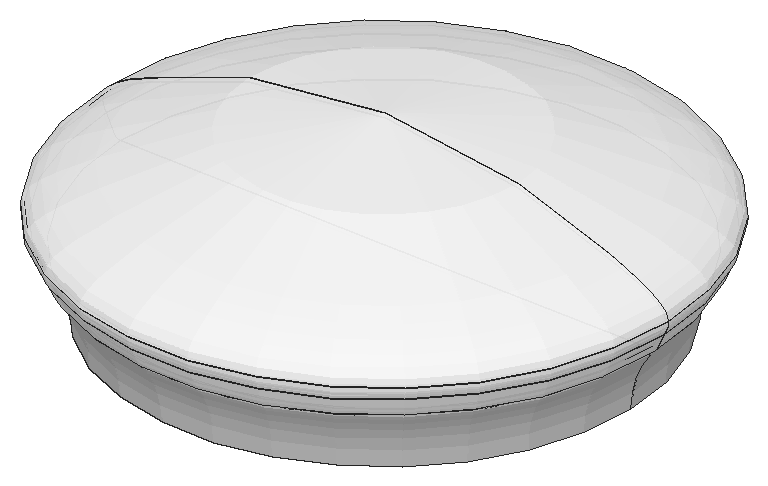
Revit family "0043405", category Lighting Devices, host Face, Revit 2023
Family settings
  Host = Face
  Round Connector Dimension = Use Diameter
  Part Type = Normal
  OmniClass Number = 23.80.70.00
  OmniClass Title = Lighting
  Cut with Voids When Loaded = No
  Maintain Annotation Orientation = No
  Shared = No
  Room Calculation Point = No
Parameters (values of type "START SURFACE IP54 500-2000 830/840")
  Weight = "0.57 kg"
  Wattage Comments = ""
  WarrantyStartDate [instance] = "n/a"
  WarrantyGuarantorParts = "n/a"
  WarrantyDurationUnit = "Years"
  WarrantyDurationParts = "5"
  WarrantyDescription = "http://www.sylvania-group.com"
  Voltage = 230 V
  URL = "http://www.sylvania-group.com"
  TypeName = "START Surface IP54 - 300mm"
  Type Image = <None>
  Type IFC Predefined Type = "IfcLightFixtureType"
  Type Comments = "n/a"
  SerialNumber [instance] = "n/a"
  Material_3_SYL = none
  PowerFactor = 0.9
  PowerConsumption = "16.5 W"
  NominalLength = NominalDepth  # 300 mm
  NominalHeight = if(NominalDepth = 300 mm, 94 mm, 105 mm)  # 94 mm
  NominalDepth = 300 mm
  Name = "START SURFACE IP54 500-2000 830/840"
  ModelReference = Name  # "START SURFACE IP54 500-2000 830/840"
  ModelNumber = "0043405"
  Model = Name  # "START SURFACE IP54 500-2000 830/840"
  Material = "Polycarbonate"
  ManufacturerName = Manufacturer  # "Feilo Sylvania"
  Manufacturer = "Feilo Sylvania"
  LuminousEfficacy = "120 lm/W"
  LuminaireType = "Ceiling / surface mounting"
  LightSettingControl [instance] = if(LightSetting < 1, 1, if(LightSetting > 8, 8, LightSetting))  # 1
  Light8_4000K_16.5W [instance] = (LightSettingControl = 8)  # no
  Light7_4000K_12.5W [instance] = (LightSettingControl = 7)  # no
  Light6_4000K_8.3W [instance] = (LightSettingControl = 6)  # no
  Light5_4000K_5W [instance] = (LightSettingControl = 5)  # no
  Light4_3000K_16.5W [instance] = (LightSettingControl = 4)  # no
  Light3_3000K_12.5W [instance] = (LightSettingControl = 3)  # no
  Light2_3000K_8.3W [instance] = (LightSettingControl = 2)  # no
  Light1_3000K_5W [instance] = (LightSettingControl = 1)  # yes
  LightSetting [instance] = 1
  LightOutputRatio = ""
  LampsType = Lamp  # "LED"
  LampNominalLuminous = "2000 lm"
  LampMacAdamStep = "6"
  LampColourTemperature = "3000/4000K"
  LampColourRenderingIndex = "80"
  Lamp = "LED"
  Keynote = "16500"
  InstallationDate [instance] = "n/a"
  InputVoltage = "220-240 V"
  InputNominalFrequency = "50/60Hz"
  IngressProtection = "IP54"
  ImpactProtectionIndex = "IK03"
  IfcExportType = "IfcLightFixtureType"
  IfcExportAs = "IfcLightFixtureType"
  Export Type to IFC As = "IfcLightFixtureType"
  ElectricShockClassification = "Class II"
  DocumentationLiterature = "https://www.sylvania-lighting.com/product/en-int/products/0043405/"
  DimmingControlOptions = "n/a"
  Material_2_SYL = PMMA Acrylic_Opal_4000K
  DiffuserRadius = if(NominalDepth = 300 mm, 150 mm, 200 mm)  # 150 mm
  Description = "Ceiling / wall luminaire with integrated LED. Perfect solution for hallways, circulation spaces or foyers. Body Size diameter 300mm. Besa mounting box compatible, hole distance 51 & 78mm. DualTone functionality enables switch between 3000K and 4000K colour temperatures. With the help of DIP Switch multiple lumen outputs can be set up in 4 steps (4000K: 5W 500lm, 8.3W 1000lm, 12.5W 1500lm, 16.5W 2000lm). Efficacy up to 120lm/W. Non-dimmable. IK03, IP54. Low maintenance with lifespan 120,000 hours L70:B50."
  Default Elevation = 1219.2 mm
  CreatedOn = "27/08/2024"
  CreatedBy = "petra.pavlicz@sylvania-lighting.com"
  Cost = 0
  Coefficient of Utilization [instance] = 0
  ClassificationValue = "EF_70_80"
  ClassificationName = "Uniclass2015"
  Material_1_SYL = PC Polycarbonate_RAL 9003_Signal white
  BottomRadius = if(NominalDepth = 300 mm, 130 mm, 172 mm)  # 130 mm
  BodyRadius = if(NominalDepth = 300 mm, 140 mm, 186 mm)  # 140 mm
  BodyHeight = if(NominalDepth = 300 mm, 30 mm, 39.5 mm)  # 30 mm
  BarCode [instance] = "n/a"
  AssetType = "Fixed"
  AssetIdentifier [instance] = "n/a"
  Assembly Code = "D5020200"
  Material_4_SYL = none
  Apparent Load = 18.3 VA
Reference planes
  plane 1 "Center (Front/Back)": y = 0
  plane 2: z = 0
  plane 3 "Center (Left/Right)": x = 0
  plane 4: y = 150
  plane 5: y = -150
  plane 6: x = -150
  plane 7: x = 150
  plane 8 "Top": z = 94
  plane 9 "Body height": z = 30
  plane 10 "Bottom width": x = -130
  plane 11 "Body width": x = -140
  plane 12 "Void": z = 11
Forms (mm)
  Extrusion 1, solid, material "PMMA Acrylic_Opal_4000K" <- "Material_2_SYL", detail levels coarse
    sketch origin (0, 0, 0) x (1, 0, 0) y (0, 1, 0)
      loop
        circle (0, 0) r 150
    from 0 to 94
  Revolve 2, solid, material "PC Polycarbonate_RAL 9003_Signal white" <- "Material_1_SYL", detail levels medium+fine
    sketch origin (0, 0, 0) x (1, 0, 0) y (0, 0, 1)
      loop
        line (-130, 0) -> (0, 0) -> (0, 30) -> (-140, 30)
        spline (-140, 30) -> (-140.096, 29.28) -> (-139.766, 28.341) -> (-139.087, 27.151) -> (-138.135, 25.68) -> (-136.989, 23.896) -> (-135.725, 21.767) -> (-134.421, 19.262) -> (-133.154, 16.35) -> (-132.001, 12.999) -> (-131.04, 9.178) -> (-130.347, 4.856) -> (-130, 0)
      axis (0, 30) -> (0, 0)
    angle from 0 to 360
  Revolve 3, solid, material "PMMA Acrylic_Opal_4000K" <- "Material_2_SYL", detail levels medium+fine
    sketch origin (0, 0, 0) x (1, 0, 0) y (0, 0, 1)
      loop
        line (-140, 30) -> (0, 30) -> (0, 31.982) -> (-138.865, 31.982)
        spline (-138.865, 31.982) -> (-139.46, 32.068) -> (-139.993, 32.228) -> (-140.485, 32.484) -> (-140.957, 32.859) -> (-141.427, 33.375) -> (-141.917, 34.053) -> (-142.446, 34.916) -> (-143.035, 35.985) -> (-143.703, 37.282) -> (-144.472, 38.83) -> (-145.361, 40.65) -> (-146.391, 42.764)
        spline (-146.391, 42.764) -> (-146.658, 43.166) -> (-146.904, 43.576) -> (-147.128, 43.993) -> (-147.33, 44.418) -> (-147.511, 44.849) -> (-147.669, 45.288) -> (-147.805, 45.735) -> (-147.92, 46.188) -> (-148.012, 46.649) -> (-148.083, 47.117) -> (-148.132, 47.593) -> (-148.158, 48.075)
        spline (-148.158, 48.075) -> (-146.622, 52.076) -> (-142.283, 55.894) -> (-135.551, 59.689) -> (-126.831, 63.622) -> (-116.532, 67.853) -> (-104.921, 72.433) -> (-91.899, 77.119) -> (-77.305, 81.621) -> (-60.979, 85.648) -> (-42.76, 88.911) -> (-22.487, 91.119) -> (0, 91.982)
        line (0, 91.982) -> (0, 94)
        spline (0, 94) -> (-22.674, 93.214) -> (-43.099, 91.049) -> (-61.45, 87.793) -> (-77.901, 83.737) -> (-92.625, 79.168) -> (-105.795, 74.375) -> (-117.586, 69.649) -> (-128.097, 65.221) -> (-137.029, 61.024) -> (-143.945, 56.891) -> (-148.414, 52.653) -> (-150, 48.14)
        spline (-150, 48.14) -> (-149.986, 47.542) -> (-149.945, 46.952) -> (-149.877, 46.37) -> (-149.781, 45.797) -> (-149.658, 45.231) -> (-149.507, 44.674) -> (-149.329, 44.124) -> (-149.123, 43.583) -> (-148.891, 43.05) -> (-148.63, 42.525) -> (-148.343, 42.009) -> (-148.028, 41.5)
        spline (-148.028, 41.5) -> (-146.93, 39.245) -> (-145.981, 37.304) -> (-145.161, 35.653) -> (-144.448, 34.269) -> (-143.82, 33.129) -> (-143.256, 32.209) -> (-142.733, 31.486) -> (-142.232, 30.936) -> (-141.729, 30.535) -> (-141.204, 30.262) -> (-140.635, 30.091) -> (-140, 30)
      axis (0, 94) -> (0, 30)
    angle from 360 to 0
  Extrusion 4, void
    sketch origin (0, 0, 0) x (1, 0, 0) y (0, 1, 0)
      loop
        circle (0, 0) r 118.25
    from 0 to 11
Cuts and joins
  Extrusion 4 cuts Revolve 2
Dimensions and locks
  "NominalDepth": plane 4 to plane 5
  equal spacing: plane 4, plane 1 "Center (Front/Back)", plane 5
  "NominalLength": plane 6 to plane 7
  equal spacing: plane 6, plane 3 "Center (Left/Right)", plane 7
  "NominalHeight": plane 8 "Top" to plane 2
  "BottomRadius": plane 3 "Center (Left/Right)" to plane 10 "Bottom width"
  "BodyRadius": plane 3 "Center (Left/Right)" to plane 11 "Body width"
  "BodyHeight": plane 9 "Body height" to plane 2
  "DiffuserRadius": plane 3 "Center (Left/Right)" to plane 6
  locked: plane 12 "Void" to plane 2 at 11
  "NominalDepth": diameter of Extrusion 1 sketch curve
  diameter of Extrusion 4 sketch curve = 236.5 mm
  aligned and locked: plane 2 to host face
  aligned and locked: level to host face
  aligned and locked: Extrusion 1 to plane 2
  aligned and locked: plane 8 "Top" to Extrusion 1
  aligned and locked: Revolve 2 sketch curve to plane 3 "Center (Left/Right)"
  aligned and locked: Revolve 2 to plane 9 "Body height"
  aligned and locked: Revolve 2 to plane 2
  aligned and locked: plane 10 "Bottom width" to Revolve 2 sketch curve
  aligned and locked: plane 11 "Body width" to Revolve 2 sketch curve
  aligned and locked: Revolve 2 sketch curve to plane 2
  aligned and locked: Revolve 2 sketch curve to plane 9 "Body height"
  aligned and locked: plane 6 to Revolve 3 sketch curve
  aligned and locked: Revolve 3 sketch curve to plane 9 "Body height"
  aligned and locked: plane 11 "Body width" to Revolve 3 sketch curve
  aligned and locked: plane 3 "Center (Left/Right)" to Extrusion 4 sketch curve
  aligned and locked: plane 1 "Center (Front/Back)" to Extrusion 4 sketch curve
  aligned and locked: cut or joined group of Revolve 2, Extrusion 4 to plane 2
  aligned and locked: plane 12 "Void" to cut or joined group of Revolve 2, Extrusion 4
  aligned and locked: plane 3 "Center (Left/Right)" to Revolve 3 sketch curve  (x2)
Automatic sketch dimensions
  host sketch curve to host sketch curve = 2438.4 mm  (x2)
  Revolve 2 sketch curve to plane 3 "Center (Left/Right)" = 0 mm
  Revolve 2 sketch curve to level = 609.6 mm
  plane 8 "Top" to Revolve 2 sketch curve = 2515.058 mm
  Revolve 3 sketch curve to plane 3 "Center (Left/Right)" = 0 mm
  Revolve 3 sketch curve to plane 8 "Top" = 0 mm
  plane 6 to Revolve 3 sketch curve = 1.842 mm
  plane 6 to Revolve 3 sketch curve = 1.972 mm
  Revolve 3 sketch curve to Revolve 3 sketch curve = 1.637 mm
  plane 11 "Body width" to Revolve 3 sketch curve = 1.135 mm
  Revolve 3 sketch curve to Revolve 3 sketch curve = 1.982 mm
  plane 9 "Body height" to Revolve 3 sketch curve = 11.5 mm
  Revolve 3 sketch curve to Revolve 3 sketch curve = 1.264 mm
  Revolve 3 sketch curve to Revolve 3 sketch curve = 5.312 mm
  Revolve 3 sketch curve to Revolve 3 sketch curve = 0.065 mm
  Revolve 3 sketch curve to level = 609.6 mm
  Revolve 3 sketch curve to plane 8 "Top" = 2.018 mm
  Revolve 3 sketch curve to Revolve 3 sketch curve = 2515.058 mm
  plane 1 "Center (Front/Back)" to Extrusion 1 sketch curve = 0 mm
  Extrusion 1 sketch curve to plane 3 "Center (Left/Right)" = 0 mm
Nested families
  nested 1: "0043405_3000K_5W_lightsource" at (0, 0, 94) x (-1, 0, 0) z (0, 0, 1), visible <- "Light1_3000K_5W", type "START SURFACE IP54 500-2000 830/840 lightsource"
    with built-in parameter 1114216 (empty or 0)
  nested 2: "0043405_3000K_8.3W_lightsource" at (0, 0, 94), visible <- "Light2_3000K_8.3W", type "START SURFACE IP54 500-2000 830/840 lightsource"
    with built-in parameter 1114216 (empty or 0)
  nested 3: "0043405_3000K_12.5W_lightsource" at (0, 0, 94), visible <- "Light3_3000K_12.5W", type "START SURFACE IP54 500-2000 830/840 lightsource"
    with built-in parameter 1114216 (empty or 0)
  nested 4: "0043405_3000K_16.5W_lightsource" at (0, 0, 94), visible <- "Light4_3000K_16.5W", type "START SURFACE IP54 500-2000 830/840 lightsource"
    with built-in parameter 1114216 (empty or 0)
  nested 5: "0043405_4000K_5W_lightsource" at (0, 0, 94) x (-1, 0, 0) z (0, 0, 1), visible <- "Light5_4000K_5W", type "START SURFACE IP54 500-2000 830/840 lightsource"
    with built-in parameter 1114216 (empty or 0)
  nested 6: "0043405_4000K_8.3W_lightsource" at (0, 0, 94) x (-1, 0, 0) z (0, 0, 1), visible <- "Light6_4000K_8.3W", type "START SURFACE IP54 500-2000 830/840 lightsource"
    with built-in parameter 1114216 (empty or 0)
  nested 7: "0043405_4000K_12.5W_lightsource" at (0, 0, 94) x (-1, 0, 0) z (0, 0, 1), visible <- "Light7_4000K_12.5W", type "START SURFACE IP54 500-2000 830/840 lightsource"
    with built-in parameter 1114216 (empty or 0)
  nested 8: "0043405_4000K_16.5W_lightsource" at (0, 0, 94) x (-1, 0, 0) z (0, 0, 1), visible <- "Light8_4000K_16.5W", type "START SURFACE IP54 500-2000 830/840 lightsource"
    with built-in parameter 1114216 (empty or 0)
Connectors
  electrical at (0, 0, 0), driven by "Apparent Load", driven by "PowerFactor", driven by "Voltage"
    settings: index 1, voltage 230 V, apparent load 18.3 VA, apparent load phase1 0 VA, apparent load phase2 0 VA, apparent load phase3 0 VA, power factor 0.9, load classification "Lighting", number of poles 1, system type 30, power factor state 1, is connector primary yes, connector utility no, sub classification motor no, connector description ""
Definition of nested family "0043405_3000K_5W_lightsource"
  Parameters (values of type "START SURFACE IP54 500-2000 830/840 lightsource")
    Wattage Comments = "n/a"
    Wattage = 5 W
    built-in parameter 1150110 = 1 (stored number, unit not read)
    URL = "http://www.sylvania-lighting.com"
    Type Image = (empty or 0)
    Type Comments = "n/a"
    built-in parameter 1114217 = 1 (stored number, unit not read)
    Tilt Angle = -90.00°
    built-in parameter 1150109 = 1 (stored number, unit not read)
    built-in parameter 1150134 = (empty or 0)
    built-in parameter 1150113 = 1 (stored number, unit not read)
    Photometric Web File = "0043405_3000K_5W.IES"
    built-in parameter 1150142 = "IESNA:LM-63-2002\r\n[TEST] 20231205007M-01\r\n[TESTLAB] \r\n[TESTDATE] 7 Dec 2023\r\n[ISSUEDATE] 7 Dec 2023\r\n[MANUFAC] SYLVANIA\r\n[LUMCAT] 0043405\r\n[LUMINAIRE] START Surface IP44 Multip 2000lm 830/840-3000K 1µµ\r\n[FLASHAREA] 0.017100\r\n[LAMPCAT] LED\r\n[LAMP] LED\r\nTILT=NONE\r\n1 460.00 1.0 361 3 1 2 -0.300 -0.300 0.000\r\n1.00 1.00 5.00\r\n0.00 0.50 1.00 1.50 2.00 2.50 3.00 3.50 4.00 4.50 5.00 \r\n5.50 6.00 6.50 7.00 7.50 8.00 8.50 9.00 9.50 10.00 10.50 \r\n11.00 11.50 12.00 12.50 13.00 13.50 14.00 14.50 15.00 \r\n15.50 16.00 16.50 17.00 17.50 18.00 18.50 19.00 19.50 \r\n20.00 20.50 21.00 21.50 22.00 22.50 23.00 23.50 24.00 \r\n24.50 25.00 25.50 26.00 26.50 27.00 27.50 28.00 28.50 \r\n29.00 29.50 30.00 30.50 31.00 31.50 32.00 32.50 33.00 \r\n33.50 34.00 34.50 35.00 35.50 36.00 36.50 37.00 37.50 \r\n38.00 38.50 39.00 39.50 40.00 40.50 41.00 41.50 42.00 \r\n42.50 43.00 43.50 44.00 44.50 45.00 45.50 46.00 46.50 \r\n47.00 47.50 48.00 48.50 49.00 49.50 50.00 50.50 51.00 \r\n51.50 52.00 52.50 53.00 53.50 54.00 54.50 55.00 55.50 \r\n56.00 56.50 57.00 57.50 58.00 58.50 59.00 59.50 60.00 \r\n60.50 61.00 61.50 62.00 62.50 63.00 63.50 64.00 64.50 \r\n65.00 65.50 66.00 66.50 67.00 67.50 68.00 68.50 69.00 \r\n69.50 70.00 70.50 71.00 71.50 72.00 72.50 73.00 73.50 \r\n74.00 74.50 75.00 75.50 76.00 76.50 77.00 77.50 78.00 \r\n78.50 79.00 79.50 80.00 80.50 81.00 81.50 82.00 82.50 \r\n83.00 83.50 84.00 84.50 85.00 85.50 86.00 86.50 87.00 \r\n87.50 88.00 88.50 89.00 89.50 90.00 90.50 91.00 91.50 \r\n92.00 92.50 93.00 93.50 94.00 94.50 95.00 95.50 96.00 \r\n96.50 97.00 97.50 98.00 98.50 99.00 99.50 100.00 100.50 \r\n101.00 101.50 102.00 102.50 103.00 103.50 104.00 104.50 \r\n105.00 105.50 106.00 106.50 107.00 107.50 108.00 108.50 \r\n109.00 109.50 110.00 110.50 111.00 111.50 112.00 112.50 \r\n113.00 113.50 114.00 114.50 115.00 115.50 116.00 116.50 \r\n117.00 117.50 118.00 118.50 119.00 119.50 120.00 120.50 \r\n121.00 121.50 122.00 122.50 123.00 123.50 124.00 124.50 \r\n125.00 125.50 126.00 126.50 127.00 127.50 128.00 128.50 \r\n129.00 129.50 130.00 130.50 131.00 131.50 132.00 132.50 \r\n133.00 133.50 134.00 134.50 135.00 135.50 136.00 136.50 \r\n137.00 137.50 138.00 138.50 139.00 139.50 140.00 140.50 \r\n141.00 141.50 142.00 142.50 143.00 143.50 144.00 144.50 \r\n145.00 145.50 146.00 146.50 147.00 147.50 148.00 148.50 \r\n149.00 149.50 150.00 150.50 151.00 151.50 152.00 152.50 \r\n153.00 153.50 154.00 154.50 155.00 155.50 156.00 156.50 \r\n157.00 157.50 158.00 158.50 159.00 159.50 160.00 160.50 \r\n161.00 161.50 162.00 162.50 163.00 163.50 164.00 164.50 \r\n165.00 165.50 166.00 166.50 167.00 167.50 168.00 168.50 \r\n169.00 169.50 170.00 170.50 171.00 171.50 172.00 172.50 \r\n173.00 173.50 174.00 174.50 175.00 175.50 176.00 176.50 \r\n177.00 177.50 178.00 178.50 179.00 179.50 180.00 \r\n0.00 45.00 90.00 \r\n125.99 125.99 125.99 125.95 125.90 125.81 125.76 125.67 \r\n125.67 125.53 125.40 125.26 125.12 124.98 124.84 124.71 \r\n124.52 124.34 124.20 124.02 123.79 123.56 123.28 123.05 \r\n122.87 122.59 122.31 122.04 121.81 121.49 121.21 120.89 \r\n120.57 120.24 119.88 119.51 119.19 118.82 118.40 118.04 \r\n117.67 117.25 116.89 116.47 116.06 115.64 115.23 114.77 \r\n114.31 113.80 113.30 112.84 112.33 111.87 111.37 110.81 \r\n110.31 109.76 109.20 108.61 108.01 107.46 106.86 106.31 \r\n105.71 105.06 104.47 103.82 103.22 102.58 101.94 101.25 \r\n100.56 99.96 99.31 98.62 97.89 97.20 96.51 95.82 95.08 \r\n94.39 93.66 92.92 92.14 91.40 90.67 89.88 89.15 88.32 \r\n87.54 86.76 85.97 85.19 84.36 83.54 82.80 81.97 81.14 \r\n80.27 79.44 78.61 77.79 76.91 76.04 75.16 74.29 73.51 \r\n72.63 71.71 70.84 69.92 69.05 68.17 67.30 66.38 65.50 \r\n64.58 63.66 62.74 61.87 60.95 60.08 59.11 58.24 57.36 \r\n56.40 55.52 54.65 53.73 52.85 51.98 51.11 50.19 49.36 \r\n48.48 47.56 46.74 45.89 45.07 44.21 43.36 42.52 41.70 \r\n40.88 40.13 39.36 38.53 37.77 37.01 36.25 35.50 34.77 \r\n34.02 33.32 32.59 31.90 31.21 30.53 29.85 29.19 28.54 \r\n27.94 27.31 26.73 26.15 25.56 24.97 24.41 23.85 23.31 \r\n22.77 22.22 21.70 21.20 20.67 20.16 19.65 19.14 18.65 \r\n18.17 17.70 17.23 16.78 16.31 15.89 15.49 15.09 14.71 \r\n14.35 14.02 13.65 13.32 12.97 12.65 12.37 12.07 11.79 \r\n11.52 11.27 11.01 10.76 10.52 10.30 10.08 9.88 9.66 9.49 \r\n9.31 9.13 8.96 8.80 8.65 8.51 8.39 8.26 8.13 8.04 7.93 \r\n7.83 7.74 7.65 7.55 7.46 7.38 7.30 7.22 7.15 7.07 7.01 \r\n6.94 6.88 6.80 6.74 6.68 6.62 6.56 6.50 6.44 6.38 6.33 \r\n6.27 6.21 6.15 6.08 6.04 5.98 5.92 5.85 5.79 5.72 5.66 \r\n5.61 5.54 5.47 5.42 5.34 5.29 5.23 5.16 5.08 5.03 4.97 \r\n4.89 4.85 4.79 4.75 4.71 4.65 4.59 4.56 4.49 4.44 4.38 \r\n4.31 4.27 4.22 4.16 4.13 4.06 4.01 3.98 3.94 3.89 3.84 \r\n3.79 3.72 3.64 3.55 3.45 3.37 3.28 3.19 3.11 3.03 2.95 \r\n2.86 2.79 2.72 2.65 2.60 2.54 2.51 2.50 2.46 2.46 2.46 \r\n2.46 2.46 2.46 2.46 2.46 2.46 2.46 2.47 2.47 2.47 2.48 \r\n2.48 2.48 2.52 2.54 2.56 2.54 2.52 2.50 2.49 2.47 2.45 \r\n2.43 2.41 2.22 1.98 1.73 1.51 1.34 1.28 1.24 1.22 1.16 \r\n1.06 0.95 0.93 0.91 0.94 1.01 1.05 1.10 1.12 1.13 1.20 \r\n1.45 1.54 1.64 1.84 2.07 2.24 2.32 2.33 2.33 2.30 \r\n125.99 125.99 125.99 125.99 125.95 125.90 125.86 125.81 \r\n125.72 125.67 125.58 125.44 125.35 125.21 125.07 124.98 \r\n124.84 124.71 124.52 124.38 124.20 124.02 123.79 123.60 \r\n123.42 123.14 122.91 122.64 122.36 122.13 121.81 121.53 \r\n121.26 120.93 120.61 120.29 119.97 119.65 119.28 118.91 \r\n118.54 118.17 117.81 117.39 116.93 116.52 116.10 115.64 \r\n115.18 114.72 114.26 113.76 113.25 112.79 112.29 111.78 \r\n111.27 110.77 110.22 109.66 109.07 108.51 108.01 107.41 \r\n106.81 106.21 105.66 105.02 104.42 103.78 103.18 102.53 \r\n101.89 101.25 100.56 99.87 99.18 98.49 97.80 97.11 96.42 \r\n95.68 94.99 94.30 93.52 92.74 92.00 91.26 90.48 89.75 \r\n89.01 88.18 87.40 86.62 85.79 85.01 84.18 83.40 82.57 \r\n81.74 80.87 80.04 79.21 78.38 77.51 76.64 75.76 74.89 \r\n74.01 73.19 72.31 71.44 70.56 69.64 68.72 67.80 66.88 \r\n66.01 65.14 64.26 63.39 62.42 61.55 60.58 59.71 58.79 \r\n57.87 56.99 56.12 55.25 54.33 53.45 52.53 51.70 50.78 \r\n49.91 49.08 48.21 47.33 46.46 45.61 44.79 43.92 43.11 \r\n42.30 41.47 40.63 39.86 39.10 38.27 37.51 36.72 35.99 \r\n35.25 34.50 33.76 33.04 32.31 31.59 30.93 30.25 29.55 \r\n28.90 28.22 27.57 26.95 26.33 25.74 25.14 24.57 23.99 \r\n23.42 22.84 22.30 21.74 21.22 20.69 20.18 19.66 19.18 \r\n18.69 18.23 17.77 17.33 16.91 16.46 16.06 15.64 15.24 \r\n14.85 14.49 14.12 13.76 13.40 13.06 12.73 12.42 12.13 \r\n11.84 11.56 11.28 11.03 10.78 10.53 10.29 10.07 9.85 9.64 \r\n9.46 9.26 9.08 8.92 8.75 8.58 8.45 8.32 8.18 8.06 7.96 \r\n7.85 7.75 7.67 7.58 7.52 7.43 7.37 7.29 7.24 7.19 7.13 \r\n7.10 7.05 7.01 6.96 6.93 6.91 6.86 6.82 6.79 6.72 6.66 \r\n6.61 6.55 6.48 6.40 6.33 6.25 6.17 6.08 5.98 5.88 5.78 \r\n5.69 5.60 5.51 5.43 5.34 5.26 5.16 5.08 5.00 4.92 4.84 \r\n4.75 4.66 4.58 4.46 4.36 4.21 4.09 3.95 3.82 3.69 3.55 \r\n3.42 3.30 3.18 3.05 2.94 2.84 2.73 2.64 2.55 2.48 2.41 \r\n2.33 2.27 2.20 2.13 2.09 2.05 2.00 1.95 1.89 1.85 1.84 \r\n1.85 1.84 1.85 1.84 1.86 1.87 1.89 1.91 1.94 1.96 2.01 \r\n2.03 2.06 2.09 2.13 2.19 2.23 2.24 2.23 2.24 2.23 2.23 \r\n2.22 2.20 2.14 2.09 2.00 1.95 1.90 1.87 1.81 1.72 1.62 \r\n1.53 1.45 1.36 1.24 1.10 0.98 0.92 0.93 0.93 0.93 0.93 \r\n0.93 0.93 0.93 0.93 0.94 0.94 0.94 0.94 0.94 0.97 1.00 \r\n1.13 1.21 1.38 1.60 1.84 2.13 2.37 2.44 2.44 2.44 \r\n125.99 126.04 126.04 125.99 126.04 126.04 125.99 125.90 \r\n125.81 125.76 125.67 125.58 125.44 125.30 125.17 125.03 \r\n124.94 124.75 124.61 124.48 124.29 124.11 123.88 123.65 \r\n123.46 123.23 122.96 122.68 122.50 122.22 121.99 121.67 \r\n121.35 121.03 120.70 120.34 120.01 119.69 119.37 119.00 \r\n118.63 118.22 117.81 117.44 117.02 116.61 116.10 115.69 \r\n115.28 114.82 114.36 113.94 113.48 112.98 112.47 112.01 \r\n111.46 110.91 110.35 109.85 109.30 108.70 108.10 107.55 \r\n106.90 106.35 105.71 105.11 104.47 103.87 103.22 102.58 \r\n101.94 101.29 100.65 99.96 99.22 98.58 97.89 97.20 96.51 \r\n95.82 95.08 94.35 93.56 92.78 92.05 91.31 90.53 89.79 \r\n88.96 88.23 87.45 86.66 85.84 85.01 84.18 83.40 82.57 \r\n81.79 80.91 80.09 79.26 78.38 77.51 76.64 75.76 74.89 \r\n74.06 73.19 72.31 71.39 70.52 69.60 68.72 67.85 66.93 \r\n66.01 65.14 64.22 63.34 62.42 61.50 60.63 59.71 58.83 \r\n57.91 56.99 56.07 55.15 54.28 53.41 52.53 51.61 50.74 \r\n49.91 49.04 48.12 47.29 46.41 45.56 44.73 43.91 43.07 \r\n42.25 41.44 40.64 39.84 39.04 38.25 37.46 36.70 35.97 \r\n35.23 34.48 33.76 33.06 32.32 31.62 30.94 30.25 29.56 \r\n28.93 28.26 27.62 27.01 26.38 25.76 25.16 24.60 24.01 \r\n23.46 22.90 22.36 21.82 21.29 20.75 20.24 19.72 19.21 \r\n18.72 18.24 17.77 17.32 16.85 16.39 15.99 15.58 15.19 \r\n14.80 14.45 14.09 13.73 13.40 13.06 12.75 12.44 12.15 \r\n11.86 11.58 11.33 11.06 10.82 10.58 10.34 10.13 9.92 9.72 \r\n9.54 9.35 9.19 9.01 8.86 8.72 8.59 8.45 8.32 8.19 8.09 \r\n7.96 7.88 7.78 7.71 7.64 7.56 7.50 7.44 7.38 7.32 7.26 \r\n7.22 7.19 7.15 7.09 7.06 6.99 6.96 6.93 6.89 6.83 6.82 \r\n6.77 6.74 6.73 6.68 6.66 6.63 6.60 6.56 6.53 6.50 6.49 \r\n6.44 6.42 6.39 6.38 6.34 6.31 6.28 6.25 6.21 6.16 6.12 \r\n6.07 5.99 5.93 5.85 5.77 5.69 5.60 5.51 5.42 5.31 5.23 \r\n5.12 5.01 4.91 4.81 4.70 4.60 4.49 4.38 4.27 4.19 4.10 \r\n4.03 3.95 3.89 3.81 3.74 3.67 3.60 3.54 3.46 3.41 3.35 \r\n3.30 3.23 3.19 3.13 3.08 3.03 2.99 2.95 2.91 2.87 2.81 \r\n2.76 2.70 2.64 2.57 2.52 2.47 2.40 2.34 2.22 2.11 2.01 \r\n1.89 1.80 1.70 1.61 1.52 1.40 1.27 1.18 1.06 0.99 0.93 \r\n0.91 0.95 0.98 1.02 1.06 1.10 1.20 1.25 1.29 1.31 1.31 \r\n1.26 1.12 1.02 1.00 1.01 1.02 1.03 1.04 1.06 1.07 1.08 \r\n1.09 1.19 1.31 1.44 1.62 1.89 2.13 2.28 2.35 2.37 \r\n"
    Model = "START SURFACE IP54 500-2000 830/840 lightsource"
    Manufacturer = "Feilo Sylvania"
    built-in parameter 1150105 = 164.4 (stored number, unit not read)
    Lumens = 600 lm
    built-in parameter 1150115 = 1 (stored number, unit not read)
    built-in parameter 1150137 = (empty or 0)
    built-in parameter 1150139 = (empty or 0)
    built-in parameter 1150112 = 1 (stored number, unit not read)
    built-in parameter 1150114 = 1 (stored number, unit not read)
    Lamp = "LED"
    Keynote = "16500"
    built-in parameter 1150132 = (empty or 0)
    built-in parameter 1150102 = 120
    built-in parameter 1150107 = 3000 (stored number, unit not read)
    built-in parameter 1150138 = (empty or 0)
    built-in parameter 1150106 = 1.644 (stored number, unit not read)
    Emit from Circle Diameter = 300 mm  # constant formula
    Emit Shape Visible in Rendering = no
    built-in parameter 1150104 = 11.148 (stored number, unit not read)
    Dimming Lamp Color Temperature Shift = (empty or 0)
    Description = ""
    Default Elevation = 1219.2 mm
    Cost = 0
    Color Filter = 16777215
    built-in parameter 1114216 [instance] = (empty or 0)
    built-in parameter 1114218 = 1 (stored number, unit not read)
    built-in parameter 1150133 = 10 (stored number, unit not read)
    Assembly Code = "D5020200"
    Apparent Load = 0 VA
  Reference planes
    plane 1 "Center (Front/Back)": y = 0
    plane 2: z = 0
    plane 3 "Center (Left/Right)": x = 0
  Forms (mm)
    Extrusion 1, solid
      sketch origin (4.2, 0, 0) x (1, 0, 0) y (0, 1, 0)
        loop
          line (-1219.2, 1219.2) -> (-1219.2, -1219.2) -> (1219.2, -1219.2) -> (1219.2, 1219.2) -> (-1219.2, 1219.2)
      from 0 to -68.017
  Dimensions and locks
    aligned and locked: plane 2 to Extrusion 1
    aligned and locked: level to Extrusion 1
Definition of nested family "0043405_3000K_8.3W_lightsource"
  Parameters (values of type "START SURFACE IP54 500-2000 830/840 lightsource")
    Wattage Comments = "n/a"
    Wattage = 8.3 W
    built-in parameter 1150110 = 1 (stored number, unit not read)
    URL = "http://www.sylvania-lighting.com"
    Type Image = (empty or 0)
    Type Comments = "n/a"
    built-in parameter 1114217 = 1 (stored number, unit not read)
    Tilt Angle = -90.00°
    built-in parameter 1150109 = 1 (stored number, unit not read)
    built-in parameter 1150134 = (empty or 0)
    built-in parameter 1150113 = 1 (stored number, unit not read)
    Photometric Web File = "0043405_3000K_8.3W.IES"
